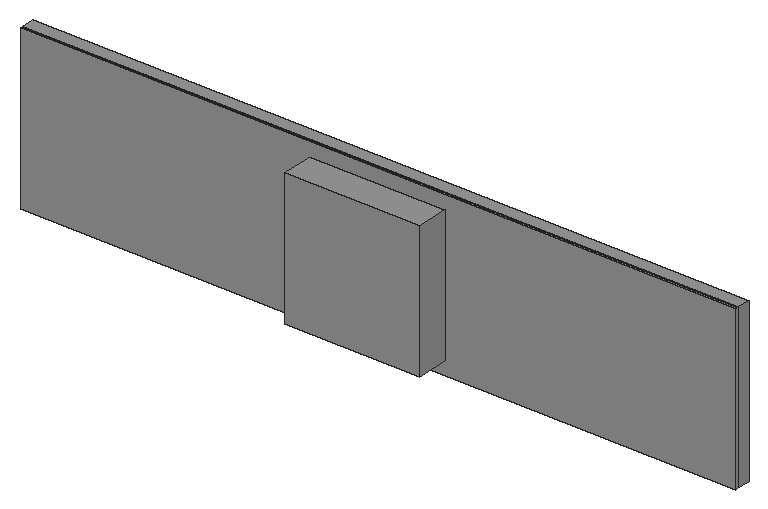
Revit family "QDR-24V-PC", category Lighting Fixtures, host Wall, Revit 2017
Family settings
  Host = Wall
  Round Connector Dimension = Use Diameter
  Part Type = Normal
  OmniClass Number = 23.80.70.00
  OmniClass Title = Lighting
  Always vertical = Yes
  Cut with Voids When Loaded = No
  Light Source = Yes
  Shared = No
  Room Calculation Point = No
Parameters
  Wattage = 10.7108 W
  built-in parameter 1150110 = 1 (stored number, unit not read)
  URL = "Blackjacklighting.com"
  built-in parameter 1114217 = 1 (stored number, unit not read)
  Tilt Angle = 0.00°
  built-in parameter 1150109 = 1 (stored number, unit not read)
  built-in parameter 1150134 = (empty or 0)
  built-in parameter 1150113 = 1 (stored number, unit not read)
  built-in parameter 1010507 = 0.5236 (stored number, unit not read)
  built-in parameter 1010506 = 0.34907 (stored number, unit not read)
  Phone = "(847) 941-0588"
  Model = "QDR-24V-PC"
  Manufacturer = "BLACKJACK® LIGHTING"
  Lumens = 1591 lm
  built-in parameter 1150115 = 1 (stored number, unit not read)
  built-in parameter 1150105 = 5319.6 (stored number, unit not read)
  built-in parameter 1150131 = 120.0"
  built-in parameter 1150137 = (empty or 0)
  built-in parameter 1150139 = (empty or 0)
  built-in parameter 1150112 = 1 (stored number, unit not read)
  built-in parameter 1150114 = 1 (stored number, unit not read)
  Lamp = "LED"
  built-in parameter 1150132 = 2
  built-in parameter 1150102 = (empty or 0)
  built-in parameter 1150138 = (empty or 0)
  built-in parameter 1150107 = 3000 (stored number, unit not read)
  built-in parameter 1150106 = 53.196 (stored number, unit not read)
  Fax = "(847) 306-3432"
  built-in parameter 1150104 = 13.8 (stored number, unit not read)
  EMAIL = "sales@blackjacklighting.com"
  Dimming Lamp Color Temperature Shift = (empty or 0)
  Color Filter = 16777215
  built-in parameter 1114218 = 1 (stored number, unit not read)
  Light Source Symbol Length = 120.0"
  Apparent Load = 26 VA
Reference planes (in)
  plane 1: y = 3
  plane 2 "Light Source Axis (L/R)": x = -1.43133
  plane 3 "Light Source Elevation": z = 77.42225
  plane 4: y = 4.05
  plane 5: y = 3
Forms (in)
  Extrusion 1, solid, material "Stainless Steel, Polished White"
    sketch origin (-201.63796, 15.675, 35.2815) x (1, 0, 0) y (0, 0, 1)
      loop
        line (202.70664, 44.64074) -> (197.70664, 44.64074) -> (197.70664, 39.64074) -> (202.70664, 39.64074) -> (202.70664, 44.64074)
    from 11.475 to 12.675
  Extrusion 2, solid, material "Stainless Steel, Polished"
    sketch origin (-198.10243, 16.175, 31.74597) x (1, 0, 0) y (0, 0, 1)
      loop
        line (209.9211, 48.67628) -> (183.4211, 48.67628) -> (183.4211, 42.67628) -> (209.9211, 42.67628) -> (209.9211, 48.67628)
    from 11.875 to 11.975
  Extrusion 3, solid, material "Stainless Steel, Polished"
    sketch origin (0, 1.88917, 31.74597) x (1, 0, 0) y (0, 0, 1)
      loop
        line (11.81867, 48.67628) -> (-14.68133, 48.67628) -> (-14.68133, 42.67628) -> (11.81867, 42.67628) -> (11.81867, 48.67628)
      loop
        line (1.44367, 42.80128) -> (1.44367, 48.55128) -> (-4.30633, 48.55128) -> (-4.30633, 42.80128) -> (1.44367, 42.80128)
    from -2.91083 to -2.41083
  Extrusion 4, solid, material "Stainless Steel, Polished"
    sketch origin (-198.10243, 17.31429, 31.74597) x (1, 0, 0) y (0, 0, 1)
      loop
        line (209.8211, 48.57628) -> (183.5211, 48.57628) -> (183.5211, 42.77628) -> (209.8211, 42.77628) -> (209.8211, 48.57628)
      loop
        line (209.1211, 43.47628) -> (209.1211, 47.87628) -> (204.68985, 47.87628) -> (204.68985, 43.47628) -> (209.1211, 43.47628)
      loop
        line (198.8711, 43.47628) -> (198.8711, 47.87628) -> (194.4711, 47.87628) -> (194.4711, 43.47628) -> (198.8711, 43.47628)
      loop
        line (199.5711, 43.47628) -> (203.98985, 43.47628) -> (203.98985, 47.87628) -> (199.5711, 47.87628) -> (199.5711, 43.47628)
      loop
        line (184.2211, 43.47628) -> (188.65235, 43.47628) -> (188.65235, 47.87628) -> (184.2211, 47.87628) -> (184.2211, 43.47628)
      loop
        line (193.7711, 43.47628) -> (193.7711, 47.87628) -> (189.35235, 47.87628) -> (189.35235, 43.47628) -> (193.7711, 43.47628)
    from 12.41429 to 12.51429
  Extrusion 5, solid, material "Acrylic"
    sketch origin (0, 1.89542, 31.74597) x (1, 0, 0) y (0, 0, 1)
      loop
        line (-3.63133, 47.87628) -> (-3.63133, 43.47628) -> (0.76867, 43.47628) -> (0.76867, 47.87628) -> (-3.63133, 47.87628)
    from -3.00458 to -2.90458
  Extrusion 6, solid, material "Acrylic"
    sketch origin (10.23437, 1.89542, 31.74597) x (1, 0, 0) y (0, 0, 1)
      loop
        line (-3.63133, 47.87628) -> (-3.63133, 43.47628) -> (0.76867, 43.47628) -> (0.76867, 47.87628) -> (-3.63133, 47.87628)
    from -3.00458 to -2.90458
  Extrusion 7, solid, material "Acrylic"
    sketch origin (-10.23437, 1.89542, 31.74597) x (1, 0, 0) y (0, 0, 1)
      loop
        line (-3.63133, 47.87628) -> (-3.63133, 43.47628) -> (0.76867, 43.47628) -> (0.76867, 47.87628) -> (-3.63133, 47.87628)
    from -3.00458 to -2.90458
Text (in)
  text "Placement Side" at (0, 40.15149, 123.01588), in view "Right"
  text "Placement Side" at (0, 85.69064, 140.59947), in view "Left"
Dimensions and locks (in)
  aligned: level to host wall
  aligned and locked: plane 3 "Light Source Elevation" to imposter light
Nested families (in)
  nested 1: "QDRS LT" at (-11.84281, 4.42779, 23.42435), type "QDRS LT"
  nested 2: "QDRS LT" at (8.98016, 4.42779, 23.42435) x (-1, 0, 0) z (0, 0, 1), type "QDRS LT"
Connectors (in)
  electrical at (-1.43133, 3, 77.42225)
    settings: on Extrusion 1, index 1, voltage 120 V, apparent load 26 VA, apparent load phase1 0 VA, apparent load phase2 0 VA, apparent load phase3 0 VA, power factor 1, load classification "Lighting", number of poles 1, system type 30, power factor state 1, is connector primary yes, connector utility no, sub classification motor no, connector description ""
Definition of nested family "QDRS LT"
  Parameters (values of type "QDRS LT")
    Wattage = 10.7108 W
    built-in parameter 1150110 = 1 (stored number, unit not read)
    built-in parameter 1114217 = 1 (stored number, unit not read)
    Tilt Angle = 90.00°
    built-in parameter 1150109 = 1 (stored number, unit not read)
    built-in parameter 1150134 = (empty or 0)
    built-in parameter 1150113 = 1 (stored number, unit not read)
    built-in parameter 1010507 = 0.5236 (stored number, unit not read)
    built-in parameter 1010506 = 0.34907 (stored number, unit not read)
    Lumens = 1591 lm
    built-in parameter 1150115 = 1 (stored number, unit not read)
    built-in parameter 1150105 = 5319.6 (stored number, unit not read)
    Light Source Symbol Length = 120.0"
    built-in parameter 1150137 = (empty or 0)
    built-in parameter 1150139 = (empty or 0)
    built-in parameter 1150112 = 1 (stored number, unit not read)
    built-in parameter 1150114 = 1 (stored number, unit not read)
    built-in parameter 1150132 = 2
    built-in parameter 1150102 = (empty or 0)
    built-in parameter 1150138 = (empty or 0)
    built-in parameter 1150107 = 3000 (stored number, unit not read)
    built-in parameter 1150106 = 53.196 (stored number, unit not read)
    built-in parameter 1150104 = 13.8 (stored number, unit not read)
    Dimming Lamp Color Temperature Shift = (empty or 0)
    Color Filter = 16777215
    built-in parameter 1114218 = 1 (stored number, unit not read)
    built-in parameter 1150133 = 10 (stored number, unit not read)
    Apparent Load = 26 VA
  Reference planes (in)
    plane 1 "Light Source Axis (F/B)": y = 0
    plane 2: z = 0
    plane 3 "Light Source Axis (L/R)": x = 0
    plane 4 "Light Source Elevation": z = 54
  Dimensions and locks (in)
    aligned and locked: plane 3 "Light Source Axis (L/R)" to imposter light
    aligned and locked: level to plane 2
